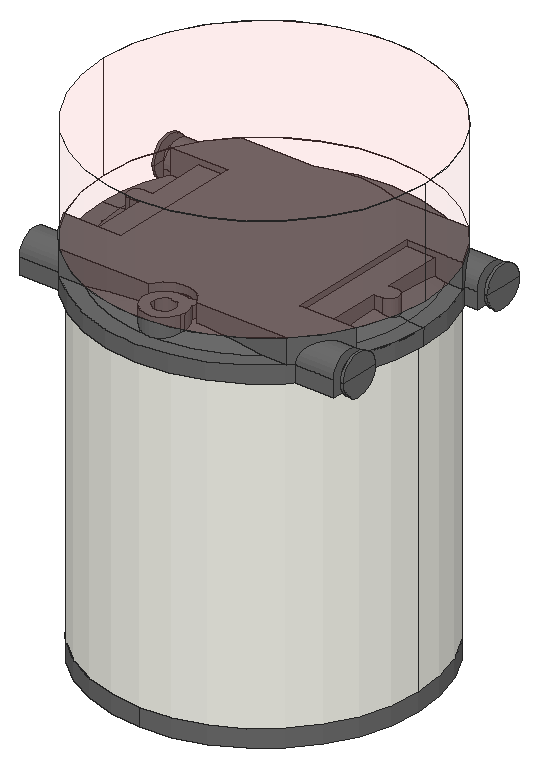
Revit family
Parameters (values of type "1082C3F")
  Watermarked By = "http://revitwatermark.com"
  Water_Ice Tank Volume = "820 Gallons"
  Warning = "Ice tanks are a component in an ice storage system including chillers, pumps, and controls. Contact CALMAC for IceBank® selection support to make sure all system components will work together properly."
  URL = "http://www.calmac.com/"
  Total Cooling Capacity [instance] = 0.0 ton
  Tank Net Usable Capacity = "82 Ton-Hrs"
  Product Page URL = "http://www.calmac.com/products/icebank.asp"
  Is Tank 1 Front Right Connector Visible = not(CTRL Off)  # yes
  Is Tank 1 Front Left Connector Visible = not(CTRL On)  # no
  Is Tank 1 Back Right Connector Visible = not(CTRL Off)  # yes
  Is Tank 1 Back Left Connector Visible = not(CTRL Off)  # yes
  Surface Finish = Plastic- Calmac- Black
  Supply Coolant Temperature [instance] = -459.67 °F
  Storage Inlet Temperature [instance] = 60 °F
  Shipping Weight = 1065.00 lbf
  Return Coolant Temperature [instance] = -459.67 °F
  Requires Plate Heat Exchanger [instance] = no
  Project/Customer = ""
  Product Documentation Link = "http://www.calmac.com/products/documents/CS-75Model1082C3FAug2007.pdf"
  Pressure Drop [instance] = 0.00 psi
  Precool Hours [instance] = 0
  Pipe Material = Plastic- Calmac- Black
  Operating Weight = 8580.00 lbf
  Occupied Hours [instance] = 0
  Model = "1082C"
  Maximum Operating Temperature = "38°C"
  Maximum Operating Pressure = "620 kPa"
  Manufacturer e-mail = "info@Calmac.com"
  Manufacturer Contact Details = "CALMAC Manufacturing Corporation Headquarters, 3-00 Banta Place, Fair Lawn, NJ  07410, Tel: (201) 797-1511, Fax: (201) 797-1522"
  Manufacturer = "CALMAC Manufacturing Corp."  # constant formula
  Main Use [instance] = ""
  Location [instance] = ""
  Lid Diameter = 7' - 5"  # constant formula
  Leg 4 = 3' - 2 1/4"  # constant formula
  Leg 1 = 3' - 2 1/4"  # constant formula
  Latent Cooling Capacity [instance] = 0.0 ton
  Inlet Outlet Center Height = 6' - 7"  # constant formula
  Heat Exchanger Volume = "86 Gallons"
  Has Rigging Bar [instance] = no
  Has Plate and Frame Heat Exchanger [instance] = no
  Has Ice Inventory Meter [instance] = no
  Has Heat Transfer Fluid [instance] = no
  Has Glycol Management System [instance] = no
  Floor Loading Weight = "286 lb/sq.ft."
  Factory Tested Pressure = "1724 kPa"
  Diversity Factor [instance] = 0
  Discharge Rate [instance] = 0
  Discharge Hours [instance] = 0
  Description = "Off-Peak Cooling System"
  Is Clearance Box Visible [instance] = yes
  Clearance Box Height = 2' - 0"  # constant formula
  City/State [instance] = ""
  CTRL Width = 6' - 1 3/4"
  CTRL On = yes
  CTRL Off = not(CTRL On)  # no
  CTRL Hydronic Supply Description = "Hydronic Supply"  # constant formula
  CTRL Hydronic Return Description = "Hydronic Return"  # constant formula
  CTRL Base Radius = 2' - 11 113/256"  # constant formula
  Body Material = Plastic- Calmac- Off_White
  Has Solid Base [instance] = yes
  Base Height = Inlet Outlet Center Height - 0' 3 3/4"  # 6' - 3 1/4"
  Base Finish = Plastic- Calmac- Black
  Assembly Code = "D3030300"
  Actual Chilled Water Flow [instance] = 0 GPM
Reference planes (in)
  plane 1 "Center (Front/Back)": y = 0
  plane 2 "Bottom": z = 0
  plane 3 "Center (Left/Right)": x = 0
  plane 4 "T.O. Base": z = 75.25
  plane 5 "Inlet/Outlet Center (Elevation)": z = 79
  plane 6 "Right Connector Face": x = 38.25
  plane 7 "Left Connector Face": x = -38.25
  plane 8 "T.o. Lid": z = 84.5
  plane 9 "Top": z = 108.5
  plane 10 "Front Connector Center (F/B)": y = -20.5
  plane 11 "Back Connector Center (F/B)": y = 20.5
  plane 12 "Back": y = 36.875
  plane 13 "Front": y = -36.875
Dimensions and locks (in)
  locked: plane 5 "Inlet/Outlet Center (Elevation)" to plane 4 "T.O. Base" at 3.75
  "Inlet Outlet Center Height": plane 5 "Inlet/Outlet Center (Elevation)" to plane 2 "Bottom"
  "Leg 1": plane 3 "Center (Left/Right)" to plane 6 "Right Connector Face"
  "Leg 4": plane 7 "Left Connector Face" to plane 3 "Center (Left/Right)"
  locked: plane 8 "T.o. Lid" to plane 5 "Inlet/Outlet Center (Elevation)" at 5.5
  locked: plane 10 "Front Connector Center (F/B)" to plane 1 "Center (Front/Back)" at 20.5
  locked: plane 1 "Center (Front/Back)" to plane 11 "Back Connector Center (F/B)" at 20.5
  "Clearance Box Height": plane 9 "Top" to plane 8 "T.o. Lid"
  plane 8 "T.o. Lid" to plane 2 "Bottom" = 7' - 0 1/2"
  equal spacing: plane 13 "Front", plane 1 "Center (Front/Back)", plane 12 "Back"
  "CTRL Width": plane 13 "Front" to plane 12 "Back"
  plane 7 "Left Connector Face" to plane 6 "Right Connector Face" = 6' - 4 1/2"
  plane 7 "Left Connector Face" to plane 3 "Center (Left/Right)" = 3' - 2 1/4"
  aligned and locked: plane 1 "Center (Front/Back)" to nested 1
  aligned and locked: plane 3 "Center (Left/Right)" to nested 1
  aligned and locked: plane 4 "T.O. Base" to nested 2
  aligned and locked: plane 1 "Center (Front/Back)" to nested 2
  aligned and locked: plane 5 "Inlet/Outlet Center (Elevation)" to nested 2
  aligned and locked: plane 3 "Center (Left/Right)" to nested 2
  aligned and locked: plane 2 "Bottom" to nested 1
Nested families (in)
  nested 1: "Cooling_Plant_Accessories-Calmac-IceBank-Base" at (0, 0, 0), type "Base"
    with Is Symbolic Line Visible no, Has Solid Base yes, CTRL Inner Wall Radius 2' - 10 145/256", CTRL Base Radius 2' - 11 113/256", Base Height 6' - 3 1/4"
  nested 2: "Cooling_Plant_Accessories-Calmac-IceBank-Lid_C-75" at (0, 0, 75.25), Surface Finish <- "Surface Finish", Pipe Material <- "Pipe Material", Clearance Box Height <- "Clearance Box Height", Is Clearance Box Visible <- "Is Clearance Box Visible", type "C-75"
    with Surface Finish Plastic- Calmac- Black, Pipe Material Plastic- Calmac- Black, Is Clearance Box Visible yes, Clearance Box Height 2' - 0", CTRL Radius 3' - 0 11/16", Is Back Left Flanged Connector Visible yes
Connectors (in)
  piping at (38.25, 20.5, 79), driven by "CTRL Hydronic Supply Description", driven by "Actual Chilled Water Flow"
    settings: on nested 2, index 1, connector radius 2", flow factor 0, pipe flow 0 GPM, pressure drop 0.00 psi, fitting loss kfactor 0, connector angle 0.00°, fixture units 0, flow configuration 0, flow direction 2, fitting loss method 0, system type 7, connector reference index -1, connector utility 0, adjustable connector no, is connector primary yes, fitting loss table "", connector description "Hydronic Supply"
  piping at (38.25, -20.5, 79), driven by "CTRL Hydronic Return Description"
    settings: on nested 2, index 2, connector radius 2", flow factor 0, pipe flow 0 GPM, pressure drop 0.00 psi, fitting loss kfactor 0, connector angle 0.00°, fixture units 0, flow configuration 0, flow direction 1, fitting loss method 0, system type 8, connector reference index -1, connector utility 0, adjustable connector no, is connector primary no, fitting loss table "", connector description "Hydronic Return"
  piping at (-38.25, 20.5, 79)
    settings: on nested 2, index 3, connector radius 2", flow factor 0, pipe flow 0 GPM, pressure drop 0.00 psi, fitting loss kfactor 0, connector angle 0.00°, fixture units 0, flow configuration 0, flow direction 0, fitting loss method 0, system type 7, connector reference index -1, connector utility 0, adjustable connector no, is connector primary no, fitting loss table "", connector description ""
Definition of nested family "Cooling_Plant_Accessories-Calmac-IceBank-Base"
  Parameters (values of type "Base")
    Wall Thickness = 0' - 0 7/8"
    URL = "http://www.calmac.com/"
    Type Comments = ""
    Is Symbolic Line Visible = not(Has Solid Base)  # yes
    Has Solid Base = no
    Model = ""
    Manufacturer = "CALMAC Manufacturing Corp."  # constant formula
    CTRL Inner Wall Radius = CTRL Base Radius - Wall Thickness  # 3' - 0"
    CTRL Base Radius = 3' - 0 7/8"
    Body Material = Plastic- Calmac- Off_White
    Base Height = 3' - 7 5/16"
    Base Finish = Plastic- Calmac- Black
    Assembly Code = "D3030"
  Reference planes (in)
    plane 1 "Center (Front/Back)": y = 0
    plane 2 "Bottom": z = 0
    plane 3 "Center (Left/Right)": x = 0
    plane 4 "Back": y = 36.875
    plane 5 "Front": y = -36.875
    plane 6 "Right": x = 36.875
    plane 7 "Left": x = -36.875
    plane 8 "T.O. Base Plate": z = 4
    plane 9 "Right Edge of Right Void": x = 24.125
    plane 10 "Left Edge of Right Void": x = 13.125
    plane 11 "Left Edge of Left Void": x = -24.125
    plane 12 "Right Edge of Left Void": x = -13.125
    plane 13 "T.O. Base Void": z = 2
    plane 14 "T.O. Base": z = 43.3125
  Forms (in)
    Extrusion 1, solid, material "Plastic- Calmac- Black" <- "Base Finish", visible <- "Is Symbolic Line Visible", detail levels fine
      sketch origin (0, 0, 0) x (1, 0, 0) y (0, 1, 0)
        loop
          circle (0, 0) r 36.875
      from 0 to 4
    Extrusion 2, void
      sketch origin (0, 0, 0) x (1, 0, 0) y (0, 1, 0)
        loop
          line (-24.125, 36.875) -> (-24.125, -36.875) -> (-13.125, -36.875) -> (-13.125, 36.875) -> (-24.125, 36.875)
        loop
          line (13.125, 36.875) -> (13.125, -36.875) -> (24.125, -36.875) -> (24.125, 36.875) -> (13.125, 36.875)
      from 0 to 2
    Extrusion 3, solid, material "Plastic- Calmac- Off_White" <- "Body Material", detail levels fine
      sketch origin (0, 0, 0) x (1, 0, 0) y (0, 1, 0)
        loop
          circle (0, 0) r 36.875
        loop
          circle (0, 0) r 36
      from 4 to 43.3125
    Extrusion 4, solid, material "Plastic- Calmac- Black" <- "Base Finish", visible <- "Has Solid Base", detail levels fine
      sketch origin (0, 0, 43.3125) x (0, -1, 0) y (1, 0, 0)
        loop
          circle (0, 0) r 36.875
      from -43.3125 to -39.3125
  Cuts and joins
    Extrusion 2 cuts Extrusion 3
    Extrusion 2 cuts Extrusion 1
  Lines and regions (in)
    Masking region 1
      outline origin (0, 0, 0) x (1, 0, 0) y (0, 1, 0)
        loop
          circle (0, 0) r 36.875
    Masking region 2
      outline origin (0, 0, 0) x (1, 0, 0) y (0, 0, 1)
        loop
          line (-36.875, 0) -> (36.875, 0) -> (36.875, 43.3125) -> (-36.875, 43.3125) -> (-36.875, 0)
    Masking region 3
      outline origin (0, 0, 0) x (0, 1, 0) y (0, 0, 1)
        loop
          line (-36.875, 0) -> (36.875, 0) -> (36.875, 43.3125) -> (-36.875, 43.3125) -> (-36.875, 0)
    symbolic lines, style "Base", detail levels medium+fine
      curve 1: line (-36.875, 0, 4) -> (36.875, 0, 4)
      curve 8: line (0, -36.875, 4) -> (0, 36.875, 4)
    symbolic lines, style "Base", visible <- "Is Symbolic Line Visible", detail levels medium+fine
      curve 2: line (-24.125, 0, 0) -> (-24.125, 0, 2)
      curve 3: line (-24.125, 0, 2) -> (-13.125, 0, 2)
      curve 4: line (13.125, 0, 2) -> (24.125, 0, 2)
      curve 5: line (13.125, 0, 0) -> (13.125, 0, 2)
      curve 6: line (24.125, 0, 0) -> (24.125, 0, 2)
      curve 7: line (-13.125, 0, 0) -> (-13.125, 0, 2)
    model lines, style "Base", detail levels medium
      curve 9: circle (0, 0, 43.3125) r 36.875 normal (0, 0, 1)
      curve 10: circle (0, 0, 4) r 36.875 normal (0, 0, 1)
      curve 11: circle (0, 0, 0) r 36.875 normal (0, 0, 1)
      curve 12: line (36.875, 0, 0) -> (36.875, 0, 43.3125)
      curve 13: line (-36.875, 0, 0) -> (-36.875, 0, 43.3125)
      curve 14: line (0, -36.875, 0) -> (0, -36.875, 43.3125)
      curve 15: line (0, 36.875, 0) -> (0, 36.875, 43.3125)
    model lines, style "Base", detail levels coarse
      curve 16: line (0, 0, 0) -> (0, 0, 43.3125)
  Dimensions and locks (in)
    locked: plane 7 "Left" to plane 11 "Left Edge of Left Void" at 12.75
    locked: plane 7 "Left" to plane 12 "Right Edge of Left Void" at 23.75
    locked: plane 9 "Right Edge of Right Void" to plane 6 "Right" at 12.75
    locked: plane 10 "Left Edge of Right Void" to plane 6 "Right" at 23.75
    "CTRL Base Radius": plane 7 "Left" to plane 3 "Center (Left/Right)"
    "CTRL Base Radius": plane 3 "Center (Left/Right)" to plane 6 "Right"
    "CTRL Base Radius": plane 1 "Center (Front/Back)" to plane 4 "Back"
    "CTRL Base Radius": plane 5 "Front" to plane 1 "Center (Front/Back)"
    locked: plane 8 "T.O. Base Plate" to plane 2 "Bottom" at 4
    "Base Height": plane 14 "T.O. Base" to plane 2 "Bottom"
    locked: plane 13 "T.O. Base Void" to plane 2 "Bottom" at 2
    "CTRL Base Radius": radius of Extrusion 1 sketch curve
    "CTRL Base Radius": radius of Extrusion 3 sketch curve
    "CTRL Inner Wall Radius": radius of Extrusion 3 sketch curve
    "CTRL Base Radius": radius of Masking region 1 sketch curve
    "CTRL Base Radius": radius of curve 9
    "CTRL Base Radius": radius of curve 10
    "CTRL Base Radius": radius of curve 11
    "CTRL Base Radius": radius of Extrusion 4 sketch curve
    aligned and locked: plane 3 "Center (Left/Right)" to Extrusion 1 sketch curve
    aligned and locked: plane 1 "Center (Front/Back)" to Extrusion 1 sketch curve
    aligned and locked: Extrusion 1 to plane 2 "Bottom"
    aligned and locked: plane 8 "T.O. Base Plate" to Extrusion 1
    aligned and locked: plane 2 "Bottom" to Extrusion 1
    aligned and locked: Extrusion 2 sketch curve to plane 4 "Back"  (x2)
    aligned and locked: Extrusion 2 sketch curve to plane 12 "Right Edge of Left Void"
    aligned and locked: plane 11 "Left Edge of Left Void" to Extrusion 2 sketch curve
    aligned and locked: Extrusion 2 sketch curve to plane 5 "Front"  (x2)
    aligned and locked: Extrusion 2 sketch curve to plane 10 "Left Edge of Right Void"
    aligned and locked: Extrusion 2 sketch curve to plane 9 "Right Edge of Right Void"
    aligned and locked: plane 13 "T.O. Base Void" to Extrusion 2
    aligned and locked: Extrusion 2 to plane 2 "Bottom"
    aligned and locked: Extrusion 2 to plane 5 "Front"
    aligned and locked: plane 4 "Back" to Extrusion 2
    aligned and locked: Extrusion 2 to plane 13 "T.O. Base Void"  (x2)
    aligned and locked: plane 11 "Left Edge of Left Void" to Extrusion 2
    aligned and locked: plane 2 "Bottom" to Extrusion 2  (x2)
    aligned and locked: Extrusion 2 to plane 12 "Right Edge of Left Void"
    aligned and locked: plane 10 "Left Edge of Right Void" to Extrusion 2
    aligned and locked: Extrusion 2 to plane 9 "Right Edge of Right Void"
    aligned and locked: plane 3 "Center (Left/Right)" to Extrusion 3 sketch curve  (x2)
    aligned and locked: plane 1 "Center (Front/Back)" to Extrusion 3 sketch curve  (x2)
    aligned and locked: Extrusion 3 to plane 8 "T.O. Base Plate"
    aligned and locked: plane 14 "T.O. Base" to Extrusion 3
    aligned and locked: plane 3 "Center (Left/Right)" to Masking region 1 sketch curve
    aligned and locked: plane 1 "Center (Front/Back)" to Masking region 1 sketch curve
    aligned and locked: Masking region 2 sketch curve to plane 14 "T.O. Base"
    aligned and locked: plane 6 "Right" to Masking region 2 sketch curve
    aligned and locked: plane 2 "Bottom" to Masking region 2 sketch curve
    aligned and locked: Masking region 2 sketch curve to plane 7 "Left"
    aligned and locked: plane 7 "Left" to curve 1
    aligned and locked: plane 6 "Right" to curve 1
    aligned and locked: curve 1 to plane 8 "T.O. Base Plate"
    aligned and locked: plane 11 "Left Edge of Left Void" to curve 3
    aligned and locked: plane 12 "Right Edge of Left Void" to curve 3
    aligned and locked: curve 3 to plane 13 "T.O. Base Void"
    aligned and locked: plane 2 "Bottom" to curve 2
    aligned and locked: curve 2 to plane 11 "Left Edge of Left Void"
    aligned and locked: plane 10 "Left Edge of Right Void" to curve 4
    aligned and locked: plane 9 "Right Edge of Right Void" to curve 4
    aligned and locked: plane 13 "T.O. Base Void" to curve 5
    aligned and locked: plane 13 "T.O. Base Void" to curve 6
    aligned and locked: plane 2 "Bottom" to curve 5
    aligned and locked: curve 5 to plane 10 "Left Edge of Right Void"
    aligned and locked: curve 6 to plane 9 "Right Edge of Right Void"
    aligned and locked: plane 13 "T.O. Base Void" to curve 7
    aligned and locked: plane 2 "Bottom" to curve 7
    aligned and locked: curve 7 to plane 12 "Right Edge of Left Void"
    aligned and locked: plane 5 "Front" to Masking region 3 sketch curve
    aligned and locked: plane 14 "T.O. Base" to Masking region 3 sketch curve
    aligned and locked: Masking region 3 sketch curve to plane 4 "Back"
    aligned and locked: plane 2 "Bottom" to Masking region 3 sketch curve
    aligned and locked: plane 4 "Back" to curve 8
    aligned and locked: plane 5 "Front" to curve 8
    aligned and locked: curve 8 to plane 8 "T.O. Base Plate"
    aligned and locked: plane 3 "Center (Left/Right)" to curve 9
    aligned and locked: plane 1 "Center (Front/Back)" to curve 9
    aligned and locked: curve 9 to plane 14 "T.O. Base"
    aligned and locked: curve 10 to plane 8 "T.O. Base Plate"
    aligned and locked: plane 3 "Center (Left/Right)" to curve 10
    aligned and locked: plane 1 "Center (Front/Back)" to curve 10
    aligned: curve 11 to plane 2 "Bottom"
    aligned and locked: plane 3 "Center (Left/Right)" to curve 11
    aligned and locked: plane 1 "Center (Front/Back)" to curve 11
    aligned and locked: plane 14 "T.O. Base" to curve 12
    aligned and locked: plane 14 "T.O. Base" to curve 13
    aligned and locked: plane 2 "Bottom" to curve 12
    aligned and locked: plane 2 "Bottom" to curve 13
    aligned and locked: curve 12 to plane 6 "Right"
    aligned and locked: curve 13 to plane 7 "Left"
    aligned and locked: curve 12 to plane 1 "Center (Front/Back)"
    aligned and locked: curve 13 to plane 1 "Center (Front/Back)"
    aligned and locked: plane 14 "T.O. Base" to curve 14
    aligned and locked: plane 14 "T.O. Base" to curve 15
    aligned and locked: plane 2 "Bottom" to curve 14
    aligned and locked: plane 2 "Bottom" to curve 15
    aligned and locked: plane 4 "Back" to curve 15
    aligned and locked: plane 5 "Front" to curve 14
    aligned and locked: plane 3 "Center (Left/Right)" to curve 14
    aligned and locked: plane 3 "Center (Left/Right)" to curve 15
    aligned and locked: plane 14 "T.O. Base" to curve 16
    aligned and locked: plane 2 "Bottom" to curve 16
    aligned and locked: plane 3 "Center (Left/Right)" to curve 16
    aligned and locked: curve 16 to plane 1 "Center (Front/Back)"
    aligned and locked: plane 1 "Center (Front/Back)" to Extrusion 4 sketch curve
    aligned and locked: plane 3 "Center (Left/Right)" to Extrusion 4 sketch curve
    aligned and locked: plane 8 "T.O. Base Plate" to Extrusion 4
    aligned and locked: Extrusion 4 to plane 2 "Bottom"
  Automatic sketch dimensions
    curve 6 to level = 0' - 0"
Definition of nested family "Cooling_Plant_Accessories-Calmac-IceBank-Lid_C-75"
  Parameters (values of type "C-75")
    bxcbxb = Diameter * 0.5  # 3' - 0 11/16"
    adfasdfa = Diameter * 0.5  # 3' - 0 11/16"
    Surface Finish [instance] = none
    Pipe Material [instance] = none
    Is Front Right Flanged Connector Visible = yes
    Is Front Left Flanged Connector Visible = no
    Diameter = 6' - 1 3/8"
    Is Clearance Box Visible [instance] = yes
    Clearance Box Height [instance] = 2' - 0"
    CTRL Radius [instance] = Diameter / 2  # 3' - 0 11/16"
    Is Back Right Flanged Connector Visible = yes
    Is Back Left Flanged Connector Visible = no
  Reference planes (in)
    plane 1 "Center (Front/Back)": y = 0
    plane 2 "Bottom": z = 0
    plane 3 "Center (Left/Right)": x = 0
    plane 4 "Back": y = 36.6875
    plane 5 "Back Connector Back": y = 24.75
    plane 6 "Back Connector Center": y = 20.5
    plane 7 "Back Connector Front": y = 16.25
    plane 8 "Piping Back": y = 25.88647
    plane 9 "Rigging Back": y = 15.25
    plane 10 "Rigging Loop Back": y = 2
    plane 11 "Top Back Edge": y = 24
    plane 12 "Back Inset": y = 32.8725
    plane 13 "Back Bolt Front": y = 33.6855
    plane 14 "Front": y = -36.6875
    plane 15 "Front Connection Front": y = -24.75
    plane 16 "Fron Connector Center": y = -20.5
    plane 17 "Front Connector Back": y = -16.25
    plane 18 "Piping Front": y = -25.88647
    plane 19 "Rigging Front": y = -15.25
    plane 20 "Rigging Loop Front": y = -2
    plane 21 "Top Front Edge": y = -28
    plane 22 "Front Inset": y = -32.8725
    plane 23 "Pad Eye Hole": y = -27.02527
    plane 24 "Pad Eye Front Center": y = -28.53621
    plane 25 "Left Connection": x = -36.41773
    plane 26 "Left": x = -36.6875
    plane 27 "Left Lip Inset": x = -32.8725
    plane 28 "Left Rigging Loop Left": x = -30.87661
    plane 29 "Left Rigging Loop Inset": x = -27.6267
    plane 30 "Left Rigging Loop Right": x = -26.875
    plane 31 "Left Rigging Right": x = -20.40035
    plane 32 "Top Left": x = -9.54335
    plane 33 "Right Connection": x = 36.41773
    plane 34 "Right": x = 36.6875
    plane 35 "Lid Inset Right": x = 32.8725
    plane 36 "Right Rigging Loop Right": x = 30.88136
    plane 37 "Right Rigging Loop Inset": x = 27.63145
    plane 38 "Right Rigging Loop Left": x = 26.87975
    plane 39 "Right Rigging Left": x = 20.4051
    plane 40 "Top Right": x = 9.54335
    plane 41 "Top": z = 9.25
    plane 42 "Connector Center(Elevation)": z = 3.75
    plane 43 "Connector Channel Top": z = 8
    plane 44 "Connection Sleeve Left": x = -33.10311
    plane 45 "Connection Sleeve Right": x = 33.1032
    plane 46 "Right Center": x = 24.02983
    plane 47 "Bolt Inset Right": x = 1.00017
    plane 48 "Bolt Inset Left": x = -1.00017
    plane 49 "Bolt Inset Center": y = 34.68672
    plane 50 "Top Left Inset": x = -30.90528
    plane 51 "Top Right Inset": x = 30.90528
    plane 52 "Right Side Chanel": x = 35.23566
    plane 53 "Left Side Channel": x = -35.23566
    plane 54 "Right Tunnel Ref": x = 25.99737
    plane 55 "Left Tunnel Ref": x = -25.99737
    plane 56 "Left Tunnel Ref Center": x = -33.3678
    plane 57 "Right Tunnel Ref Center": x = 33.3678
    plane 58 "T.O. Clearance Box": z = 33.25
    plane 59 "Right Connector Face": x = 38.25
    plane 60 "Left Connector Face": x = -38.25
    plane 61 "Sleeve Left": x = -35.83203
    plane 62 "Sleeve Right": x = 35.83203
  Forms (in)
    Revolve 1, solid, material <- "Surface Finish", detail levels fine
      sketch origin (0, 0, 0) x (1, 0, 0) y (0, 0, 1)
        loop
          line (0, 9.25) -> (0, 0) -> (36.6875, 0) -> (36.6875, 3.75) -> (32.8725, 3.75) -> (9.54335, 9.25) -> (0, 9.25)
        axis (0, 9.25) -> (0, 0)
      angle from 0 to 360
    Extrusion 2, solid, material <- "Surface Finish", detail levels fine
      sketch origin (0, 0, 0) x (1, 0, 0) y (0, 1, 0)
        loop
          arc (-25.99737, 25.88647) -> (-30.15526, 20.89577) -> (-33.3678, 15.25) r 36.6875
          line (-33.3678, 15.25) -> (-20.40035, 15.25) -> (-20.40035, -15.25) -> (-33.3678, -15.25)
          arc (-33.3678, -15.25) -> (-30.15526, -20.89577) -> (-25.99737, -25.88647) r 36.6875
          line (-25.99737, -25.88647) -> (-5.47378, -25.88647)
          arc (-5.47378, -25.88647) -> (0.00163, -22.34) -> (5.47705, -25.88647) r 6
          line (5.47705, -25.88647) -> (25.99737, -25.88647)
          arc (25.99737, -25.88647) -> (30.15526, -20.89577) -> (33.3678, -15.25) r 36.6875
          line (33.3678, -15.25) -> (20.4051, -15.25) -> (20.4051, 15.25) -> (33.3678, 15.25)
          arc (33.3678, 15.25) -> (30.15526, 20.89577) -> (25.99737, 25.88647) r 36.6875
          line (25.99737, 25.88647) -> (9.54335, 25.88647)
          arc (9.54335, 25.88647) -> (0, 27.83962) -> (-9.54335, 25.88647) r 24.29157
          line (-9.54335, 25.88647) -> (-25.99737, 25.88647)
      from 3.75 to 9.25
    Extrusion 3, solid, material <- "Surface Finish", detail levels fine
      sketch origin (0, 0, 0) x (0, 1, 0) y (0, 0, 1)
        loop
          arc (24.75, 3.75) -> (20.5, 8) -> (16.25, 3.75) r 4.25
          line (16.25, 3.75) -> (16.25, 0) -> (24.75, 0) -> (24.75, 3.75)
        loop
          arc (-16.25, 3.75) -> (-20.5, 8) -> (-24.75, 3.75) r 4.25
          line (-24.75, 3.75) -> (-24.75, 0) -> (-16.25, 0) -> (-16.25, 3.75)
      from -35.83203 to 35.83203
    Extrusion 4, solid, material <- "Surface Finish", detail levels fine
      sketch origin (0, 0, 0) x (1, 0, 0) y (0, 1, 0)
        loop
          line (-26.875, 15.25) -> (-26.875, 2) -> (-28.87661, 2)
          arc (-28.87661, 2) -> (-30.87661, 0) -> (-28.87661, -2) r 2
          line (-28.87661, -2) -> (-26.875, -2) -> (-26.875, -15.25) -> (-20.40035, -15.25) -> (-20.40035, 15.25) -> (-26.875, 15.25)
        loop
          line (26.87975, 2) -> (26.87975, 15.25) -> (20.4051, 15.25) -> (20.4051, -15.25) -> (26.87975, -15.25) -> (26.87975, -2) -> (28.88512, -2)
          arc (28.88512, -2) -> (30.88512, 0) -> (28.88512, 2) r 2
          line (28.88512, 2) -> (26.87975, 2)
      from 3.75 to 8
    Extrusion 5, solid, material <- "Surface Finish", detail levels fine
      sketch origin (0, 0, 9.25) x (-1, 0, 0) y (0, -1, 0)
        loop
          arc (-2.21906, 23.96212) -> (2.64241, 24.20385) -> (4.9051, 28.51344) r 4.90816
          arc (4.9051, 28.51344) -> (4.68488, 28.94415) -> (4.53675, 29.40466) r 3
          arc (4.53675, 29.40466) -> (-0.00027, 33) -> (-4.53687, 29.40413) r 4.66
          arc (-4.53687, 29.40413) -> (-4.68495, 28.94361) -> (-4.90512, 28.51288) r 3
          arc (-4.90512, 28.51288) -> (-4.7228, 27.00389) -> (-4.08756, 25.62304) r 4.90816
          arc (-4.08756, 25.62304) -> (-3.98687, 23.85484) -> (-2.21906, 23.96212) r 1.25
        loop
          circle (0, 28.34) r 2.46875
      from -5.5 to -1.25
  Cuts and joins
    joined: Revolve 1, Extrusion 2, Extrusion 4
  Lines and regions (in)
    Masking region 1
      outline origin (0, 0, 0) x (1, 0, 0) y (0, 0, 1)
        loop
          line (-33.3678, 9.25) -> (-33.3678, 3.75) -> (-36.6875, 3.75) -> (-36.6875, 0) -> (36.6875, 0) -> (36.6875, 3.75) -> (33.3678, 3.75) -> (33.3678, 9.25) -> (-33.3678, 9.25)
    Masking region 2
      outline origin (0, 0, 0) x (0, 1, 0) y (0, 0, 1)
        loop
          line (36.6875, 3.75) -> (32.8725, 3.75) -> (27.9625, 4.87873) -> (27.9625, 9.25) -> (-25.88647, 9.25) -> (-25.88647, 8) -> (-32.8725, 8) -> (-32.8725, 3.75) -> (-36.6875, 3.75) -> (-36.6875, 0) -> (36.6875, 0) -> (36.6875, 3.75)
    Masking region 3
      outline origin (0, 0, 0) x (1, 0, 0) y (0, 1, 0)
        loop
          arc (-33.10311, 15.81634) -> (-36.6875, 0) -> (-33.10311, -15.81634) r 36.6875
          line (-33.10311, -15.81634) -> (-33.10311, -16.25) -> (-35.83203, -16.25) -> (-35.83203, -24.75) -> (-27.08155, -24.75)
          arc (-27.08155, -24.75) -> (0, -36.6875) -> (27.08155, -24.75) r 36.6875
          line (27.08155, -24.75) -> (35.83203, -24.75) -> (35.83203, -16.25) -> (33.1032, -16.25) -> (33.1032, -15.81617)
          arc (33.1032, -15.81617) -> (36.6875, 0) -> (33.1032, 15.81617) r 36.6875
          line (33.1032, 15.81617) -> (33.1032, 16.25) -> (35.83203, 16.25) -> (35.83203, 24.75) -> (27.08155, 24.75)
          arc (27.08155, 24.75) -> (0, 36.6875) -> (-27.08155, 24.75) r 36.6875
          line (-27.08155, 24.75) -> (-35.83203, 24.75) -> (-35.83203, 16.25) -> (-33.10311, 16.25) -> (-33.10311, 15.81634)
    symbolic lines, style "Thermal Energy Storage", detail levels fine
      curve 1: arc (0, 24.75, 3.75) -> (0, 20.5, 8) -> (0, 16.25, 3.75) r 4.25
      curve 2: line (0, 24.75, 0) -> (0, 24.75, 3.75)
      curve 3: line (0, 16.25, 3.75) -> (0, 16.25, 0)
      curve 6: arc (0, -2, 5.14855) -> (0, -8.63661, 4.84477) -> (0, -15.25, 4.21246) r 134.00815
      curve 8: line (0, -2, 8) -> (0, -2, 6.75604)
      curve 9: arc (0, 15.25, 4.21246) -> (0, 8.63661, 4.84477) -> (0, 2, 5.14855) r 134.00815
      curve 10: line (0, 2, 4.63945) -> (0, 2, 8)
      curve 11: line (0, -15.25, 8) -> (0, 15.25, 8)
      curve 14: arc (0, -16.25, 3.75) -> (0, -20.5, 8) -> (0, -24.75, 3.75) r 4.25
      curve 15: line (0, -16.25, 0) -> (0, -16.25, 3.75)
      curve 16: line (0, -24.75, 3.75) -> (0, -24.75, 0)
      curve 32: line (26.87975, 2, 3.75) -> (26.87975, 15.25, 3.75)
      curve 33: arc (20.4051, 7.23282, 3.75) -> (21.3358, 3.66951, 3.75) -> (21.64906, 0, 3.75) r 21.64906
      curve 34: arc (21.64906, 0, 3.75) -> (21.3358, -3.66951, 3.75) -> (20.4051, -7.23282, 3.75) r 21.64906
      curve 35: line (26.87975, -15.25, 3.75) -> (26.87975, -2, 3.75)
      curve 36: line (26.87975, -2, 3.75) -> (28.88512, -2, 3.75)
      curve 37: arc (28.88512, -2, 3.75) -> (30.88512, 0, 3.75) -> (28.88512, 2, 3.75) r 2
      curve 38: line (28.88512, 2, 3.75) -> (26.87975, 2, 3.75)
      curve 39: line (-26.875, 15.25, 3.75) -> (-26.875, 2, 3.75)
      curve 40: line (-26.875, 2, 3.75) -> (-28.87661, 2, 3.75)
      curve 41: arc (-28.87661, 2, 3.75) -> (-30.87661, 0, 3.75) -> (-28.87661, -2, 3.75) r 2
      curve 42: line (-28.87661, -2, 3.75) -> (-26.875, -2, 3.75)
      curve 43: line (-26.875, -2, 3.75) -> (-26.875, -15.25, 3.75)
      curve 44: arc (-20.40035, -7.232, 3.75) -> (-21.33105, -3.6691, 3.75) -> (-21.64431, 0, 3.75) r 21.64431
      curve 45: arc (-21.64431, 0, 3.75) -> (-21.33105, 3.6691, 3.75) -> (-20.40035, 7.232, 3.75) r 21.64431
      curve 48: line (-1.00017, 36.67386, 9.25) -> (-1.00017, 34.68672, 9.25)
      curve 49: arc (-1.00017, 34.68672, 9.25) -> (0, 33.68655, 9.25) -> (1.00017, 34.68672, 9.25) r 1.00017
      curve 50: line (1.00017, 34.68672, 9.25) -> (1.00017, 36.6875, 9.25)
      curve 51: line (11.31854, 34.8979, 9.25) -> (10.65418, 33.0251, 9.25)
      curve 52: arc (10.65418, 33.0251, 9.25) -> (11.26241, 31.7481, 9.25) -> (12.53942, 32.35633, 9.25) r 1.00017
      curve 53: line (12.53942, 32.35633, 9.25) -> (13.20834, 34.24197, 9.25)
      curve 54: line (-13.21164, 34.2958, 9.25) -> (-12.55966, 32.41866, 9.25)
      curve 55: arc (-12.55966, 32.41866, 9.25) -> (-11.2867, 31.80201, 9.25) -> (-10.67005, 33.07497, 9.25) r 1.00017
      curve 56: line (-10.67005, 33.07497, 9.25) -> (-11.3265, 34.96499, 9.25)
      curve 57: line (-23.92286, 28.15972, 9.25) -> (-22.74294, 26.56081, 9.25)
      curve 58: arc (-22.74294, 26.56081, 9.25) -> (-21.34429, 26.34992, 9.25) -> (-21.1334, 27.74856, 9.25) r 1.00017
      curve 59: line (-21.1334, 27.74856, 9.25) -> (-22.32142, 29.35845, 9.25)
      curve 60: line (32.4594, -12.82483, 9.25) -> (32.6548, -12.1272, 9.25)
      curve 61: arc (32.6548, -12.1272, 9.25) -> (31.34512, -12.66144, 9.25) -> (31.87936, -13.97113, 9.25) r 1.00017
      curve 62: line (31.87936, -13.97113, 9.25) -> (33.72369, -14.74673, 9.25)
      curve 63: line (22.39077, 29.34394, 9.25) -> (21.11473, 27.69559, 9.25)
      curve 64: arc (21.11473, 27.69559, 9.25) -> (21.29337, 26.29246, 9.25) -> (22.6965, 26.47109, 9.25) r 1.00017
      curve 65: line (22.6965, 26.47109, 9.25) -> (23.92126, 28.05321, 9.25)
      curve 66: arc (34.65389, -3.55302, 9.25) -> (33.53087, -4.41256, 9.25) -> (34.39041, -5.53559, 9.25) r 1
      curve 67: line (34.39041, -5.53559, 9.25) -> (36.36427, -5.7979, 9.25)
      curve 68: line (34.65389, -3.55302, 9.25) -> (36.62775, -3.81533, 9.25)
      curve 69: line (34.39041, 5.53559, 9.25) -> (36.36427, 5.7979, 9.25)
      curve 70: arc (34.39041, 5.53559, 9.25) -> (33.53087, 4.41256, 9.25) -> (34.65389, 3.55302, 9.25) r 1
      curve 71: line (34.65389, 3.55302, 9.25) -> (36.62775, 3.81533, 9.25)
      curve 72: line (31.91582, 13.97144, 9.25) -> (33.76295, 14.71511, 9.25)
      curve 73: arc (31.91582, 13.97144, 9.25) -> (31.36165, 12.67033, 9.25) -> (32.66277, 12.11616, 9.25) r 1
      curve 74: line (32.66277, 12.11616, 9.25) -> (34.5099, 12.85983, 9.25)
      curve 75: line (-31.91107, 13.97144, 9.25) -> (-33.7582, 14.71511, 9.25)
      curve 76: arc (-32.65802, 12.11616, 9.25) -> (-31.3569, 12.67033, 9.25) -> (-31.91107, 13.97144, 9.25) r 1
      curve 77: line (-32.65802, 12.11616, 9.25) -> (-34.50515, 12.85983, 9.25)
      curve 78: line (-34.38566, 5.53559, 9.25) -> (-36.35952, 5.7979, 9.25)
      curve 79: arc (-34.64914, 3.55302, 9.25) -> (-33.52612, 4.41256, 9.25) -> (-34.38566, 5.53559, 9.25) r 1
      curve 80: line (-34.64914, 3.55302, 9.25) -> (-36.623, 3.81533, 9.25)
      curve 81: line (-34.64914, -3.55302, 9.25) -> (-36.623, -3.81533, 9.25)
      curve 82: arc (-34.38566, -5.53559, 9.25) -> (-33.52612, -4.41256, 9.25) -> (-34.64914, -3.55302, 9.25) r 1
      curve 83: line (-34.38566, -5.53559, 9.25) -> (-36.35952, -5.7979, 9.25)
      curve 84: line (-22.69219, -26.43077, 9.25) -> (-23.97422, -28.0179, 9.25)
      curve 85: arc (-21.13636, -27.68751, 9.25) -> (-21.28591, -26.28122, 9.25) -> (-22.69219, -26.43077, 9.25) r 1
      curve 86: line (-21.13636, -27.68751, 9.25) -> (-22.4199, -29.27651, 9.25)
      curve 87: line (-12.56783, -32.48955, 9.25) -> (-13.24652, -34.41359, 9.25)
      curve 88: arc (-10.68173, -33.15486, 9.25) -> (-11.29213, -31.87915, 9.25) -> (-12.56783, -32.48955, 9.25) r 1
      curve 89: line (-10.68173, -33.15486, 9.25) -> (-11.36123, -35.08117, 9.25)
      curve 90: line (-1.00017, -34.82, 9.25) -> (-1.00017, -36.80999, 9.25)
      curve 91: arc (1.00017, -34.82, 9.25) -> (0, -33.81983, 9.25) -> (-1.00017, -34.82, 9.25) r 1.00017
      curve 92: line (1.00017, -34.82, 9.25) -> (1.00017, -36.81244, 9.25)
      curve 93: line (12.56783, -32.48955, 9.25) -> (13.23022, -34.36736, 9.25)
      curve 94: arc (12.56783, -32.48955, 9.25) -> (11.29213, -31.87915, 9.25) -> (10.68173, -33.15486, 9.25) r 1
      curve 95: line (10.68173, -33.15486, 9.25) -> (11.34412, -35.03267, 9.25)
      curve 96: arc (22.69219, -26.43077, 9.25) -> (21.28591, -26.28122, 9.25) -> (21.13636, -27.68751, 9.25) r 1
      curve 97: line (22.69219, -26.43077, 9.25) -> (23.94341, -27.97976, 9.25)
      curve 98: line (21.13636, -27.68751, 9.25) -> (22.38758, -29.2365, 9.25)
      curve 99: line (32.66277, -12.11616, 9.25) -> (34.5099, -12.85983, 9.25)
      curve 100: line (-31.91107, -14.79231, 9.25) -> (-33.7582, -15.23425, 9.25)
      curve 101: arc (-31.91107, -14.79231, 9.25) -> (-31.3569, -13.49119, 9.25) -> (-32.65802, -12.93703, 9.25) r 1
      curve 102: line (-32.65802, -12.93703, 9.25) -> (-34.50515, -13.37897, 9.25)
      curve 106: arc (-5.47378, 0, 5.26563) -> (-15.77731, 0, 4.35832) -> (-25.99737, 0, 2.76575) r 154.97971
      curve 107: arc (25.99737, 0, 2.76578) -> (15.77893, 0, 4.35812) -> (5.47705, 0, 5.26547) r 154.99141
      curve 108: line (5.47705, 0, 9.25) -> (5.47705, 0, 5.26547)
      curve 109: line (-5.47378, 0, 5.26563) -> (-5.47378, 0, 9.25)
      curve 110: line (-4.9051, 0, 8) -> (-4.9051, 0, 4.70486)
      curve 111: line (4.90512, 0, 4.70486) -> (4.90512, 0, 8)
      curve 112: line (4.90512, 0, 8) -> (-4.9051, 0, 8)
      curve 113: line (-33.10311, 0, 8) -> (-33.10311, 0, 0)
      curve 114: line (33.1032, 0, 0) -> (33.1032, 0, 8)
      curve 115: arc (-4.9051, 0, 4.70486) -> (0.00001, 0, 3.8302) -> (4.90512, 0, 4.70486) r 14.19119
      curve 116: arc (30.87466, 0, 8) -> (28.02128, 0, 6.67955) -> (26.87975, 0, 3.75) r 4.20763
      curve 117: line (26.87975, 0, 3.75) -> (26.87975, 0, 0)
      curve 118: line (30.87466, 0, 8) -> (33.1032, 0, 8)
      curve 119: arc (-30.90528, 0, 8) -> (-28.05544, 0, 6.81956) -> (-26.875, 0, 3.96972) r 4.03028
      curve 120: line (-26.875, 0, 3.96972) -> (-26.875, 0, 0)
      curve 121: line (-30.90528, 0, 8) -> (-33.10311, 0, 8)
      curve 122: line (30.90528, -2, 4.63175) -> (30.90528, -2, 8)
      curve 123: arc (30.90528, 1.99747, 4.63175) -> (30.90528, -0.00127, 4.2218) -> (30.90528, -2, 4.63175) r 5.07744
      curve 124: line (30.90528, 25.88647, 4.9399) -> (30.90528, 27.84324, 4.88321)
      curve 125: arc (9.54335, 25.88647, 9.25) -> (0, 27.83962, 9.25) -> (-9.54335, 25.88647, 9.25) r 24.29157
      curve 126: arc (-5.2102, -25.36733, 9.25) -> (0.00163, -22.34, 9.25) -> (5.21347, -25.36733, 9.25) r 6
      curve 130: arc (-4.53675, -29.40466, 9.25) -> (0.00027, -33, 9.25) -> (4.53687, -29.40413, 9.25) r 4.66
      curve 131: arc (4.53687, -29.40413, 9.25) -> (4.68495, -28.94361, 9.25) -> (4.90512, -28.51288, 9.25) r 3
      curve 132: arc (4.90512, -28.51288, 9.25) -> (4.7228, -27.00389, 9.25) -> (4.08756, -25.62304, 9.25) r 4.90816
      curve 133: arc (4.08756, -25.62304, 9.25) -> (3.98687, -23.85484, 9.25) -> (2.21906, -23.96212, 9.25) r 1.25
      curve 134: arc (2.21906, -23.96212, 9.25) -> (-2.64241, -24.20385, 9.25) -> (-4.9051, -28.51344, 9.25) r 4.90816
      curve 135: arc (-4.9051, -28.51344, 9.25) -> (-4.68488, -28.94415, 9.25) -> (-4.53675, -29.40466, 9.25) r 3
      curve 136: arc (2.46875, -28.34, 9.25) -> (0, -30.80875, 9.25) -> (-2.46875, -28.34, 9.25) r 2.46875
      curve 137: arc (-2.46875, -28.34, 9.25) -> (0, -25.87125, 9.25) -> (2.46875, -28.34, 9.25) r 2.46875
    symbolic lines, style "Thermal Energy Storage", detail levels medium+fine
      curve 4: line (0, 25.88647, 3.75) -> (0, 25.88647, 9.25)
      curve 5: line (0, 25.88647, 3.75) -> (0, 32.8725, 3.75)
      curve 7: line (0, -15.25, 3.75) -> (0, -15.25, 9.25)
      curve 12: line (0, 15.25, 9.25) -> (0, 15.25, 3.75)
      curve 13: line (0, 15.25, 3.75) -> (0, -15.25, 3.75)
      curve 17: line (0, -25.88647, 9.25) -> (0, -25.88647, 3.75)
      curve 18: line (0, -25.88647, 3.75) -> (0, -32.87023, 3.75)
      curve 19: line (-9.54335, 25.88647, 3.75) -> (-25.99737, 25.88647, 3.75)
      curve 20: arc (-25.99737, 25.88647, 3.75) -> (-30.15526, 20.89577, 3.75) -> (-33.3678, 15.25, 3.75) r 36.6875
      curve 21: line (-33.3678, 15.25, 3.75) -> (-20.40035, 15.25, 3.75)
      curve 22: line (-20.40035, 15.25, 3.75) -> (-20.40035, -15.25, 3.75)
      curve 23: line (-20.40035, -15.25, 3.75) -> (-33.3678, -15.25, 3.75)
      curve 24: line (-25.99737, -25.88647, 3.75) -> (-5.47378, -25.88647, 3.75)
      curve 25: line (5.47705, -25.88647, 3.75) -> (25.99737, -25.88647, 3.75)
      curve 26: arc (25.99737, -25.88647, 3.75) -> (30.15526, -20.89577, 3.75) -> (33.3678, -15.25, 3.75) r 36.6875
      curve 27: line (33.3678, -15.25, 3.75) -> (20.4051, -15.25, 3.75)
      curve 28: line (20.4051, -15.25, 3.75) -> (20.4051, 15.25, 3.75)
      curve 29: line (20.4051, 15.25, 3.75) -> (33.3678, 15.25, 3.75)
      curve 30: arc (33.3678, 15.25, 3.75) -> (30.15526, 20.89577, 3.75) -> (25.99737, 25.88647, 3.75) r 36.6875
      curve 31: line (25.99737, 25.88647, 3.75) -> (9.54335, 25.88647, 3.75)
      curve 46: arc (-29.1211, -15.25, 3.75) -> (-32.8725, 0, 3.75) -> (-29.1211, 15.25, 3.75) r 32.8725
      curve 47: arc (29.1211, 15.25, 3.75) -> (32.8725, 0, 3.75) -> (29.1211, -15.25, 3.75) r 32.8725
      curve 103: line (-25.99737, 0, 3.75) -> (25.99737, 0, 3.75)
      curve 104: line (25.99737, 0, 3.75) -> (25.99737, 0, 9.25)
      curve 105: line (-25.99737, 0, 3.75) -> (-25.99737, 0, 9.25)
      curve 127: arc (20.2606, -25.88647, 9.25) -> (0, -32.8725, 9.25) -> (-20.2606, -25.88647, 9.25) r 32.8725
      curve 128: arc (-20.2606, 25.88647, 9.25) -> (0, 32.8725, 9.25) -> (20.2606, 25.88647, 9.25) r 32.8725
      curve 129: arc (-33.3678, -15.25, 9.25) -> (-30.15526, -20.89577, 9.25) -> (-25.99737, -25.88647, 9.25) r 36.6875
    model lines, style "Thermal Energy Storage", detail levels medium
      curve 138: arc (36.6875, 0, 0) -> (0, 36.6875, 0) -> (-36.6875, 0, 0) r 36.6875
      curve 139: arc (-36.6875, 0, 0) -> (0, -36.6875, 0) -> (36.6875, 0, 0) r 36.6875
      curve 140: arc (36.6875, 0, 3.75) -> (0, 36.6875, 3.75) -> (-36.6875, 0, 3.75) r 36.6875
      curve 141: arc (-36.6875, 0, 3.75) -> (0, -36.6875, 3.75) -> (36.6875, 0, 3.75) r 36.6875
      curve 142: arc (-32.87211, 0.161, 3.75) -> (0.161, 32.87211, 3.75) -> (32.87211, -0.161, 3.75) r 32.8725
      curve 143: arc (32.87211, -0.161, 3.75) -> (-0.161, -32.87211, 3.75) -> (-32.87211, 0.161, 3.75) r 32.8725
      curve 144: line (-20.40035, 15.25, 3.75) -> (-20.40035, -15.25, 3.75)
      curve 145: line (-20.40035, -15.25, 3.75) -> (-33.3678, -15.25, 3.75)
      curve 146: arc (-33.3678, -15.25, 3.75) -> (-30.15526, -20.89577, 3.75) -> (-25.99737, -25.88647, 3.75) r 36.6875
      curve 147: line (-25.99737, -25.88647, 3.75) -> (-5.47378, -25.88647, 3.75)
      curve 148: arc (-5.47378, -25.88647, 3.75) -> (0.00163, -22.34, 3.75) -> (5.47705, -25.88647, 3.75) r 6
      curve 149: line (5.47705, -25.88647, 3.75) -> (26.86466, -25.88647, 3.75)
      curve 150: arc (25.99737, -25.88647, 3.75) -> (30.15526, -20.89577, 3.75) -> (33.3678, -15.25, 3.75) r 36.6875
      curve 151: line (33.3678, -15.25, 3.75) -> (20.4051, -15.25, 3.75)
      curve 152: line (20.4051, -15.25, 3.75) -> (20.4051, 15.25, 3.75)
      curve 153: line (20.4051, 15.25, 3.75) -> (33.1032, 15.25, 3.75)
      curve 154: arc (33.3678, 15.25, 3.75) -> (30.15526, 20.89577, 3.75) -> (25.99737, 25.88647, 3.75) r 36.6875
      curve 155: line (26.87975, 25.88647, 3.75) -> (9.54335, 25.88647, 3.75)
      curve 156: arc (9.54335, 25.88647, 3.75) -> (0, 27.83962, 3.75) -> (-9.54335, 25.88647, 3.75) r 24.29157
      curve 157: line (-9.54335, 25.88647, 3.75) -> (-25.58314, 25.88647, 3.75)
      curve 158: arc (-25.99737, 25.88647, 3.75) -> (-30.15526, 20.89577, 3.75) -> (-33.3678, 15.25, 3.75) r 36.6875
      curve 159: line (-32.69791, 15.25, 3.75) -> (-20.40035, 15.25, 3.75)
      curve 160: line (-20.40035, 15.25, 9.25) -> (-20.40035, -15.25, 9.25)
      curve 161: line (-20.40035, -15.25, 9.25) -> (-32.1296, -15.25, 9.25)
      curve 162: arc (-33.3678, -15.25, 9.25) -> (-30.15526, -20.89577, 9.25) -> (-25.99737, -25.88647, 9.25) r 36.6875
      curve 163: line (-25.99737, -25.88647, 9.25) -> (-5.51517, -25.88647, 9.25)
      curve 164: arc (-5.2102, -25.36733, 9.25) -> (0.00163, -22.34, 9.25) -> (5.21347, -25.36733, 9.25) r 6
      curve 165: line (6.00769, -25.88647, 9.25) -> (25.99737, -25.88647, 9.25)
      curve 166: arc (25.99737, -25.88647, 9.25) -> (30.15526, -20.89577, 9.25) -> (33.3678, -15.25, 9.25) r 36.6875
      curve 167: line (33.3678, -15.25, 9.25) -> (20.4051, -15.25, 9.25)
      curve 168: line (20.4051, -15.25, 9.25) -> (20.4051, 15.25, 9.25)
      curve 169: line (20.4051, 15.25, 9.25) -> (33.3678, 15.25, 9.25)
      curve 170: arc (33.3678, 15.25, 9.25) -> (30.15526, 20.89577, 9.25) -> (25.99737, 25.88647, 9.25) r 36.6875
      curve 171: line (25.99737, 25.88647, 9.25) -> (9.54335, 25.88647, 9.25)
      curve 172: arc (9.54335, 25.88647, 9.25) -> (0, 27.83962, 9.25) -> (-9.54335, 25.88647, 9.25) r 24.29157
      curve 173: line (-8.18696, 25.88647, 9.25) -> (-25.99737, 25.88647, 9.25)
      curve 174: arc (-25.99737, 25.88647, 9.25) -> (-30.15526, 20.89577, 9.25) -> (-33.3678, 15.25, 9.25) r 36.6875
      curve 175: line (-33.3678, 15.25, 9.25) -> (-20.40035, 15.25, 9.25)
      curve 176: line (-25.99737, 25.88647, 3.75) -> (-25.99737, 25.88647, 9.25)
      curve 177: line (-25.99737, -25.88647, 9.25) -> (-25.99737, -25.88647, 3.75)
      curve 178: line (-33.3678, 15.25, 9.25) -> (-33.3678, 15.25, 3.75)
      curve 179: line (-33.3678, -15.25, 3.75) -> (-33.3678, -15.25, 9.25)
      curve 180: line (33.3678, 15.25, 3.75) -> (33.3678, 15.25, 9.25)
      curve 181: line (33.3678, -15.25, 9.25) -> (33.3678, -15.25, 3.75)
      curve 182: line (25.99737, 25.88647, 9.25) -> (25.99737, 25.88647, 3.75)
      curve 183: line (25.99737, -25.88647, 3.75) -> (25.99737, -25.88647, 9.25)
    model lines, style "Thermal Energy Storage", detail levels coarse
      curve 184: line (-36.6875, 0, 9.25) -> (36.6875, 0, 9.25)
      curve 185: line (0, -36.6875, 9.25) -> (0, 36.6875, 9.25)
      curve 186: line (0, 0, 9.25) -> (0, 0, 0)
  Dimensions and locks (in)
    plane 41 "Top" to plane 2 "Bottom" = 0' - 9 1/4"
    locked: plane 43 "Connector Channel Top" to plane 2 "Bottom" at 8
    locked: plane 42 "Connector Center(Elevation)" to plane 2 "Bottom" at 3.75
    locked: Extrusion 4 sketch curve to plane 29 "Left Rigging Loop Inset" at 1.24992
    locked: Extrusion 4 sketch curve to plane 30 "Left Rigging Loop Right" at 2.00161
    locked: plane 37 "Right Rigging Loop Inset" to Extrusion 4 sketch curve at 1.25367  (x2)
    locked: plane 26 "Left" to plane 25 "Left Connection" at 0.26977
    locked: plane 26 "Left" to plane 44 "Connection Sleeve Left" at 3.58439
    locked: plane 26 "Left" to plane 27 "Left Lip Inset" at 3.815
    locked: plane 33 "Right Connection" to plane 34 "Right" at 0.26977
    locked: plane 45 "Connection Sleeve Right" to plane 34 "Right" at 3.5843
    locked: plane 35 "Lid Inset Right" to plane 34 "Right" at 3.815
    "Diameter": plane 26 "Left" to plane 34 "Right"
    "Diameter": plane 14 "Front" to plane 4 "Back"
    locked: plane 3 "Center (Left/Right)" to plane 47 "Bolt Inset Right" at 1.00017
    locked: plane 48 "Bolt Inset Left" to plane 3 "Center (Left/Right)" at 1.00017
    locked: plane 3 "Center (Left/Right)" to plane 40 "Top Right" at 9.54335
    locked: plane 32 "Top Left" to plane 3 "Center (Left/Right)" at 9.54335
    locked: plane 31 "Left Rigging Right" to plane 48 "Bolt Inset Left" at 19.40018
    locked: plane 3 "Center (Left/Right)" to plane 39 "Right Rigging Left" at 20.4051
    locked: plane 30 "Left Rigging Loop Right" to plane 3 "Center (Left/Right)" at 26.875
    locked: plane 3 "Center (Left/Right)" to plane 46 "Right Center" at 24.02983
    locked: plane 46 "Right Center" to plane 38 "Right Rigging Loop Left" at 2.84992
    locked: plane 46 "Right Center" to plane 37 "Right Rigging Loop Inset" at 3.60161
    locked: plane 46 "Right Center" to plane 36 "Right Rigging Loop Right" at 6.85153
    locked: plane 29 "Left Rigging Loop Inset" to plane 30 "Left Rigging Loop Right" at 0.7517
    locked: plane 28 "Left Rigging Loop Left" to plane 30 "Left Rigging Loop Right" at 4.00161
    locked: plane 49 "Bolt Inset Center" to plane 4 "Back" at 2.00078
    locked: plane 13 "Back Bolt Front" to plane 4 "Back" at 3.002
    locked: plane 12 "Back Inset" to plane 4 "Back" at 3.815
    locked: plane 22 "Front Inset" to plane 14 "Front" at 3.815
    locked: plane 24 "Pad Eye Front Center" to plane 14 "Front" at 8.15129
    locked: plane 23 "Pad Eye Hole" to plane 14 "Front" at 9.66223
    plane 16 "Fron Connector Center" to plane 1 "Center (Front/Back)" = 1' - 8 1/2"
    locked: plane 20 "Rigging Loop Front" to plane 1 "Center (Front/Back)" at 2
    locked: plane 1 "Center (Front/Back)" to plane 10 "Rigging Loop Back" at 2
    locked: plane 1 "Center (Front/Back)" to plane 6 "Back Connector Center" at 20.5
    locked: plane 26 "Left" to plane 50 "Top Left Inset" at 5.78222
    locked: plane 51 "Top Right Inset" to plane 34 "Right" at 5.78222
    locked: plane 52 "Right Side Chanel" to plane 34 "Right" at 1.45184
    locked: plane 26 "Left" to plane 53 "Left Side Channel" at 1.45184
    equal spacing: plane 26 "Left", plane 3 "Center (Left/Right)", plane 34 "Right"
    "bxcbxb": plane 14 "Front" to plane 1 "Center (Front/Back)"
    "adfasdfa": plane 1 "Center (Front/Back)" to plane 4 "Back"
    locked: plane 16 "Fron Connector Center" to plane 19 "Rigging Front" at 5.25
    locked: plane 18 "Piping Front" to plane 16 "Fron Connector Center" at 5.38647
    locked: plane 16 "Fron Connector Center" to plane 21 "Top Front Edge" at 7.5
    locked: plane 8 "Piping Back" to plane 6 "Back Connector Center" at 5.38647
    locked: plane 6 "Back Connector Center" to plane 9 "Rigging Back" at 5.25
    equal spacing: plane 15 "Front Connection Front", plane 16 "Fron Connector Center", plane 17 "Front Connector Back"
    locked: plane 15 "Front Connection Front" to plane 17 "Front Connector Back" at 8.5
    locked: plane 11 "Top Back Edge" to plane 6 "Back Connector Center" at 3.5
    equal spacing: plane 5 "Back Connector Back", plane 6 "Back Connector Center", plane 7 "Back Connector Front"
    locked: plane 5 "Back Connector Back" to plane 7 "Back Connector Front" at 8.5
    locked: Extrusion 5 sketch curve to plane 24 "Pad Eye Front Center" at 0.19621  (x2)
    locked: plane 21 "Top Front Edge" to Extrusion 5 sketch curve at 0.34  (x2)
    locked: plane 18 "Piping Front" to Extrusion 5 sketch curve at 1.09737
    locked: plane 47 "Bolt Inset Right" to Extrusion 5 sketch curve at 2.15623
    locked: Masking region 2 sketch curve to plane 8 "Piping Back" at 2.07602
    locked: plane 43 "Connector Channel Top" to Masking region 2 sketch curve at 3.12127
    locked: plane 54 "Right Tunnel Ref" to plane 34 "Right" at 10.69013
    locked: plane 26 "Left" to plane 55 "Left Tunnel Ref" at 10.69013
    locked: plane 26 "Left" to plane 56 "Left Tunnel Ref Center" at 3.3197
    locked: plane 57 "Right Tunnel Ref Center" to plane 34 "Right" at 3.3197
    locked: plane 3 "Center (Left/Right)" to plane 59 "Right Connector Face" at 38.25
    locked: plane 60 "Left Connector Face" to plane 3 "Center (Left/Right)" at 38.25
    locked: plane 61 "Sleeve Left" to plane 3 "Center (Left/Right)" at 35.83203
    locked: plane 62 "Sleeve Right" to plane 34 "Right" at 0.85547
    "Clearance Box Height": plane 58 "T.O. Clearance Box" to plane 41 "Top"
    radius of Extrusion 5 sketch curve = 0' - 2 15/32"
    radius of Extrusion 5 sketch curve = 0' - 1 1/4"
    radius of Extrusion 5 sketch curve = 0' - 4.90816"  (x2)
    radius of Extrusion 5 sketch curve = 0' - 4.66"
    aligned and locked: Revolve 1 sketch curve to plane 41 "Top"
    aligned and locked: plane 34 "Right" to Revolve 1 sketch curve
    aligned and locked: Revolve 1 sketch curve to plane 3 "Center (Left/Right)"  (x2)
    aligned and locked: plane 35 "Lid Inset Right" to Revolve 1 sketch curve
    aligned and locked: plane 42 "Connector Center(Elevation)" to Revolve 1 sketch curve
    aligned and locked: plane 40 "Top Right" to Revolve 1 sketch curve
    aligned and locked: plane 41 "Top" to Revolve 1 sketch curve  (x2)
    aligned and locked: Revolve 1 sketch curve to plane 2 "Bottom"
    aligned and locked: plane 2 "Bottom" to Revolve 1 sketch curve
    aligned and locked: Extrusion 2 sketch curve to plane 8 "Piping Back"  (x2)
    aligned and locked: Extrusion 2 sketch curve to plane 9 "Rigging Back"  (x2)
    aligned and locked: plane 19 "Rigging Front" to Extrusion 2 sketch curve  (x2)
    aligned and locked: plane 18 "Piping Front" to Extrusion 2 sketch curve  (x3)
    aligned and locked: Extrusion 2 sketch curve to plane 31 "Left Rigging Right"
    aligned and locked: plane 39 "Right Rigging Left" to Extrusion 2 sketch curve
    aligned and locked: plane 32 "Top Left" to Extrusion 2 sketch curve
    aligned and locked: plane 40 "Top Right" to Extrusion 2 sketch curve
    aligned and locked: Extrusion 2 to plane 42 "Connector Center(Elevation)"
    aligned and locked: plane 41 "Top" to Extrusion 2
    aligned and locked: plane 7 "Back Connector Front" to Extrusion 3 sketch curve  (x2)
    aligned and locked: plane 5 "Back Connector Back" to Extrusion 3 sketch curve  (x2)
    aligned and locked: plane 42 "Connector Center(Elevation)" to Extrusion 3 sketch curve  (x4)
    aligned and locked: plane 17 "Front Connector Back" to Extrusion 3 sketch curve
    aligned and locked: plane 15 "Front Connection Front" to Extrusion 3 sketch curve
    aligned and locked: Extrusion 3 sketch curve to plane 17 "Front Connector Back"
    aligned and locked: Extrusion 3 sketch curve to plane 15 "Front Connection Front"
    aligned and locked: plane 2 "Bottom" to Extrusion 3 sketch curve  (x2)
    aligned: Extrusion 3 to plane 45 "Connection Sleeve Right"
    aligned: Extrusion 3 to plane 44 "Connection Sleeve Left"
    aligned and locked: Extrusion 4 sketch curve to plane 30 "Left Rigging Loop Right"  (x2)
    aligned and locked: Extrusion 4 sketch curve to plane 31 "Left Rigging Right"
    aligned and locked: Extrusion 4 sketch curve to plane 9 "Rigging Back"
    aligned and locked: plane 19 "Rigging Front" to Extrusion 4 sketch curve  (x2)
    aligned and locked: Extrusion 4 sketch curve to plane 10 "Rigging Loop Back"  (x2)
    aligned and locked: plane 20 "Rigging Loop Front" to Extrusion 4 sketch curve  (x2)
    aligned and locked: plane 39 "Right Rigging Left" to Extrusion 4 sketch curve
    aligned and locked: plane 38 "Right Rigging Loop Left" to Extrusion 4 sketch curve  (x2)
    aligned and locked: Extrusion 4 to plane 42 "Connector Center(Elevation)"
    aligned and locked: plane 43 "Connector Channel Top" to Extrusion 4
    aligned and locked: Masking region 1 sketch curve to plane 41 "Top"
    aligned and locked: Masking region 1 sketch curve to plane 2 "Bottom"
    aligned and locked: Masking region 1 sketch curve to plane 26 "Left"
    aligned and locked: plane 34 "Right" to Masking region 1 sketch curve
    aligned and locked: curve 1 to Extrusion 3
    aligned and locked: curve 2 to Extrusion 3
    aligned and locked: plane 42 "Connector Center(Elevation)" to curve 5
    aligned and locked: plane 8 "Piping Back" to cut or joined group of Revolve 1, Extrusion 2, Extrusion 4
    aligned and locked: curve 6 to cut or joined group of Revolve 1, Extrusion 2, Extrusion 4
    aligned and locked: curve 8 to cut or joined group of Revolve 1, Extrusion 2, Extrusion 4
    aligned and locked: curve 9 to cut or joined group of Revolve 1, Extrusion 2, Extrusion 4
    aligned and locked: curve 10 to cut or joined group of Revolve 1, Extrusion 2, Extrusion 4
    aligned and locked: curve 11 to cut or joined group of Revolve 1, Extrusion 2, Extrusion 4
    aligned and locked: cut or joined group of Revolve 1, Extrusion 2, Extrusion 4 to curve 12
    aligned and locked: cut or joined group of Revolve 1, Extrusion 2, Extrusion 4 to curve 13
    aligned and locked: curve 14 to Extrusion 3
    aligned and locked: curve 15 to Extrusion 3
    aligned and locked: cut or joined group of Revolve 1, Extrusion 2, Extrusion 4 to curve 17
    aligned and locked: cut or joined group of Revolve 1, Extrusion 2, Extrusion 4 to curve 18
    aligned and locked: plane 42 "Connector Center(Elevation)" to cut or joined group of Revolve 1, Extrusion 2, Extrusion 4
    aligned and locked: curve 19 to cut or joined group of Revolve 1, Extrusion 2, Extrusion 4
    aligned and locked: cut or joined group of Revolve 1, Extrusion 2, Extrusion 4 to curve 21
    aligned and locked: curve 22 to cut or joined group of Revolve 1, Extrusion 2, Extrusion 4
    aligned and locked: curve 23 to cut or joined group of Revolve 1, Extrusion 2, Extrusion 4
    aligned and locked: cut or joined group of Revolve 1, Extrusion 2, Extrusion 4 to curve 24
    aligned and locked: cut or joined group of Revolve 1, Extrusion 2, Extrusion 4 to curve 25
    aligned and locked: curve 27 to cut or joined group of Revolve 1, Extrusion 2, Extrusion 4
    aligned and locked: curve 28 to cut or joined group of Revolve 1, Extrusion 2, Extrusion 4
    aligned and locked: curve 29 to cut or joined group of Revolve 1, Extrusion 2, Extrusion 4
    aligned and locked: curve 31 to cut or joined group of Revolve 1, Extrusion 2, Extrusion 4
    aligned and locked: curve 32 to cut or joined group of Revolve 1, Extrusion 2, Extrusion 4
    aligned and locked: curve 35 to cut or joined group of Revolve 1, Extrusion 2, Extrusion 4
    aligned and locked: curve 36 to cut or joined group of Revolve 1, Extrusion 2, Extrusion 4
    aligned and locked: curve 37 to cut or joined group of Revolve 1, Extrusion 2, Extrusion 4
    aligned and locked: curve 38 to cut or joined group of Revolve 1, Extrusion 2, Extrusion 4
    aligned and locked: curve 39 to cut or joined group of Revolve 1, Extrusion 2, Extrusion 4
    aligned and locked: curve 40 to cut or joined group of Revolve 1, Extrusion 2, Extrusion 4
    aligned and locked: curve 41 to cut or joined group of Revolve 1, Extrusion 2, Extrusion 4
    aligned and locked: curve 42 to cut or joined group of Revolve 1, Extrusion 2, Extrusion 4
    aligned and locked: curve 43 to cut or joined group of Revolve 1, Extrusion 2, Extrusion 4
    aligned and locked: plane 19 "Rigging Front" to curve 46
    aligned and locked: plane 9 "Rigging Back" to curve 46
    aligned and locked: plane 19 "Rigging Front" to curve 47
    aligned and locked: plane 9 "Rigging Back" to curve 47
    aligned and locked: plane 47 "Bolt Inset Right" to curve 92
    aligned and locked: curve 90 to plane 48 "Bolt Inset Left"
    aligned and locked: plane 3 "Center (Left/Right)" to Extrusion 5 sketch curve  (x4)
    aligned and locked: Extrusion 5 to plane 42 "Connector Center(Elevation)"
    aligned and locked: plane 43 "Connector Channel Top" to Extrusion 5
    aligned and locked: cut or joined group of Revolve 1, Extrusion 2, Extrusion 4 to Masking region 1 sketch curve  (x2)
    aligned and locked: Masking region 1 sketch curve to plane 42 "Connector Center(Elevation)"  (x2)
    aligned and locked: curve 106 to cut or joined group of Revolve 1, Extrusion 2, Extrusion 4
    aligned and locked: curve 107 to cut or joined group of Revolve 1, Extrusion 2, Extrusion 4
    aligned and locked: cut or joined group of Revolve 1, Extrusion 2, Extrusion 4 to curve 108
    aligned and locked: cut or joined group of Revolve 1, Extrusion 2, Extrusion 4 to curve 109
    aligned and locked: curve 110 to Extrusion 5
    aligned and locked: Extrusion 5 to curve 111
    aligned and locked: Extrusion 5 to curve 112
    aligned: curve 113 to Extrusion 3
    aligned: curve 114 to Extrusion 3
    aligned and locked: plane 42 "Connector Center(Elevation)" to curve 116
    aligned and locked: plane 43 "Connector Channel Top" to curve 116
    aligned and locked: plane 38 "Right Rigging Loop Left" to curve 116
    aligned and locked: curve 113 to plane 44 "Connection Sleeve Left"
    aligned and locked: plane 43 "Connector Channel Top" to curve 121
    aligned and locked: plane 50 "Top Left Inset" to curve 121
    aligned and locked: plane 30 "Left Rigging Loop Right" to curve 120
    aligned and locked: curve 110 to curve 115
    aligned and locked: curve 122 to cut or joined group of Revolve 1, Extrusion 2, Extrusion 4
    aligned and locked: plane 18 "Piping Front" to cut or joined group of Revolve 1, Extrusion 2, Extrusion 4  (x3)
    aligned and locked: plane 19 "Rigging Front" to curve 7
    aligned and locked: plane 19 "Rigging Front" to curve 6
    aligned and locked: plane 20 "Rigging Loop Front" to curve 122
    aligned and locked: curve 4 to plane 8 "Piping Back"
    aligned and locked: Masking region 2 sketch curve to plane 4 "Back"
    aligned and locked: Masking region 2 sketch curve to plane 42 "Connector Center(Elevation)"  (x2)
    aligned and locked: plane 12 "Back Inset" to Masking region 2 sketch curve
    aligned and locked: plane 41 "Top" to Masking region 2 sketch curve
    aligned and locked: Masking region 2 sketch curve to plane 2 "Bottom"
    aligned and locked: plane 18 "Piping Front" to Masking region 2 sketch curve
